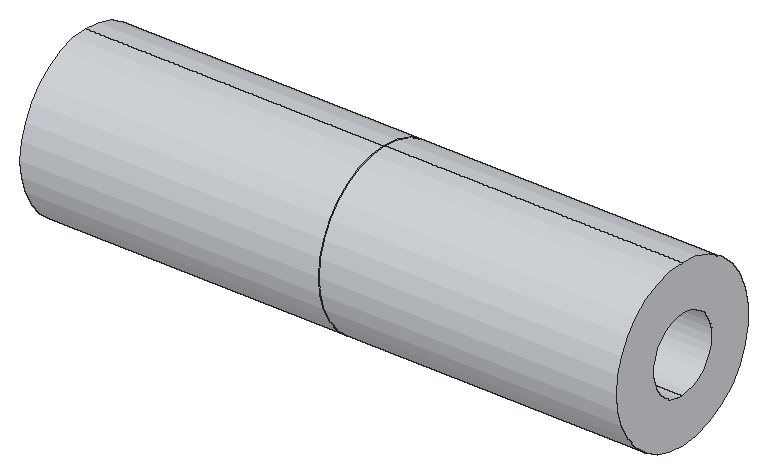
Revit family "TR3102", category Verbindungsmittel, Revit 2021
Family settings
  OmniClass-Nummer = 23.25.10.27.11.21
  OmniClass-Titel = Reinforcement Couplers
  Arbeitsebenenbasiert = Nein
  Immer vertikal = Nein
  Beim Laden mit Abzugskörper schneiden = Nein
  Gemeinsam genutzt = Nein
Parameters (values of type "TR 3102-ø22/18")
  URL = "http//:www.annahuette.com"
  Typenkommentare = "TR 3102 - Reduziermuffe"
  Typenbild = TR3102.png
  TR3102-ød = 40 mm
  TR3102-Stab2 = 18 mm
  TR3102-Stab1 = 22 mm
  TR3102-L_Vis = [TR3102-G] = [TR3102-G]  # yes
  TR3102-L2 = 50 mm
  TR3102-L1 = 55 mm
  TR3102-L0 = [TR3102-L] / 2  # 72.5 mm
  TR3102-L = 145 mm
  TR3102-G_Vis = [TR3102-L] = [TR3102-L]  # yes
  TR3102-G = 1.00 kg
  Stabgröße 2 = SAS 670 - ø18
  Stabgröße 1 = SAS 670 - ø22
  Modell = "TR 3102"
  Körper = if([TR3102-G_Vis], [TR3102-G], 0.00 kg)  # 1,00 kg
  Hersteller = "Stahlwerk Annahütte Max Aicher GmbH Co.KG"
  Gesamtlänge = if([TR3102-L_Vis], [TR3102-L], 0 mm)  # 145 mm
  Endenbearbeitung 2 = Mit Gewinde
  Endenbearbeitung 1 = Mit Gewinde
  Einfassung Stab 2 = [TR3102-L2]  # 50 mm
  Einfassung Stab 1 = [TR3102-L1]  # 55 mm
  Beschreibung = "TR3102-ø22/18"
  Außendurchmesser = [TR3102-ød]  # 40 mm
Types (10, lengths in mm): name | Typenkommentare | TR3102-ød | TR3102-Stab2 | TR3102-Stab1 | TR3102-L2 | TR3102-L1 | TR3102-L0 | TR3102-L | TR3102-G | Stabgröße 2 | Stabgröße 1 | Körper | Gesamtlänge | Einfassung Stab 2 | Einfassung Stab 1 | Beschreibung | Außendurchmesser
  (no name) | "TR 3102 - Reduziermuffe" | 40 | 18 | 22 | 50 | 55 | 72.5 | 145 | 1.00 kg | SAS 670 - ø18 | SAS 670 - ø22 | 1 (stored number, unit not read) | 145 | 50 | 55 | "TR3102-ø22/18" | 40
  TR 3102-ø22/18 | "TR 3102 - Reduziermuffe" | 40 | 18 | 22 | 50 | 55 | 72.5 | 145 | 1.00 kg | SAS 670 - ø18 | SAS 670 - ø22 | 1,00 kg | 145 | 50 | 55 | "TR3102-ø22/18" | 40
  TR 3102-ø25/22 | "TR 3102 - Reduziermuffe" | 45 | 22 | 25 | 55 | 60 | 80 | 160 | 1.40 kg | SAS 670 - ø22 | SAS 670 - ø25 | 1,40 kg | 160 | 55 | 60 | "TR3102-ø25/22" | 45
  TR 3102-ø28/25 | "TR 3102 - Reduziermuffe" | 50 | 25 | 28 | 60 | 70 | 90 | 180 | 2.00 kg | SAS 670 - ø25 | SAS 670 - ø28 | 2,00 kg | 180 | 60 | 70 | "TR3102-ø28/25" | 50
  TR 3102-ø30/28 | "TR 3102 - Reduziermuffe" | 55 | 28 | 30 | 70 | 75 | 97.5 | 195 | 2.50 kg | SAS 670 - ø28 | SAS 670 - ø30 | 2,50 kg | 195 | 70 | 75 | "TR3102-ø30/28" | 55
  TR 3102-ø35/30 | "TR 3102 - Rduziermuffe" | 60 | 30 | 35 | 75 | 85 | 107.5 | 215 | 3.00 kg | SAS 670 - ø30 | SAS 670 - ø35 | 3,00 kg | 215 | 75 | 85 | "TR3102-ø35/30" | 60
  TR 3102-ø43/35 | "TR 3102 - Reduziermuffe" | 80 | 35 | 43 | 85 | 100 | 125 | 250 | 5.50 kg | SAS 670 - ø35 | SAS 670 - ø43 | 5,50 kg | 250 | 85 | 100 | "TR3102-ø43/35" | 80
  TR 3102-ø57,5/50 | "TR 3102 - Reduziermuffe" | 100 | 50 | 57.5 | 105 | 125 | 147.5 | 295 | 11.94 kg | SAS 670 - ø50 | SAS 670 - ø57,5 | 11,94 kg | 295 | 105 | 125 | "TR3102-ø57,5/50" | 100
  TR 3102-ø63,5/57,5 | "TR 3102 - Reduziermuffe" | 110 | 57.5 | 63.5 | 125 | 130 | 152.5 | 305 | 14.89 kg | SAS 670 - ø57,5 | SAS 670 - ø63,5 | 14,89 kg | 305 | 125 | 130 | "TR3102-ø63,5/57,5" | 110
  TR 3102-ø50/43 | "TR 3102 - Reduziermuffe" | 85 | 43 | 50 | 100 | 105 | 135 | 270 | 7.68 kg | SAS 670 - ø43 | SAS 670 - ø50 | 7,68 kg | 270 | 100 | 105 | "TR3102-ø50/43" | 85
Reference planes
  plane 1: y = 0
  plane 2: z = 0
  plane 3: x = 0
Forms (mm)
  Extrusion 1, solid
    sketch origin (0, 0, 0) x (0, 0, 1) y (0, 1, 0)
      loop
        circle (0, 0) r 11
      loop
        circle (0, 0) r 20
    from 0 to 72.5
  Extrusion 2, solid
    sketch origin (0, 0, 0) x (0, 0, 1) y (0, -1, 0)
      loop
        circle (0, 0) r 9
      loop
        circle (0, 0) r 20
    from 0 to 72.5
Dimensions and locks
  "TR3102-L0": plane 3 to Extrusion 2
  "TR3102-L0": Extrusion 1 to plane 3
  "TR3102-Stab1": diameter of Extrusion 1 sketch curve
  "TR3102-ød": diameter of Extrusion 1 sketch curve
  "TR3102-Stab2": diameter of Extrusion 2 sketch curve
  "TR3102-ød": diameter of Extrusion 2 sketch curve
Automatic sketch dimensions
  Extrusion 1 sketch curve to Extrusion 1 sketch curve = 0 mm  (x2)
  Extrusion 1 sketch curve to level = 0 mm
  Extrusion 1 sketch curve to plane 1 = 0 mm
  Extrusion 2 sketch curve to Extrusion 2 sketch curve = 0 mm  (x2)
  Extrusion 2 sketch curve to level = 0 mm
  Extrusion 2 sketch curve to plane 1 = 0 mm
